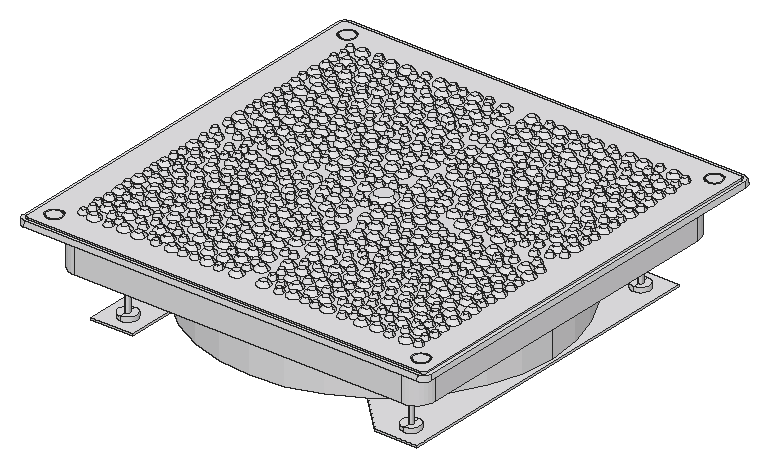
Revit family "Shower-Rainhead-KOHLER-REAL_RAIN-76728GL_1", category Plumbing Fixtures, host Face, Revit 2017 (continued)
Definition of nested family "76728GL"
  Forms (in)
    Blend 159, solid, detail levels medium+fine
      from 4.48819 to 4.64961
    Blend 160, solid, detail levels medium+fine
      base sketch origin (3.71758, -2.28847, 0) x (1, 0, 0) y (0, 1, 0)
        loop
          circle (-7.85379, 7.80181) r 0.19685
      top sketch origin (3.71758, -2.28847, 0) x (1, 0, 0) y (0, 1, 0)
        loop
          circle (-7.85379, 7.80181) r 0.11854
      from 4.48819 to 4.64961
    Blend 161, solid, detail levels medium+fine
      base sketch origin (5.07811, -1.6249, 0) x (1, 0, 0) y (0, 1, 0)
        loop
          circle (-7.85379, 7.80181) r 0.19685
      top sketch origin (5.07811, -1.6249, 0) x (1, 0, 0) y (0, 1, 0)
        loop
          circle (-7.85379, 7.80181) r 0.11854
      from 4.48819 to 4.64961
    Blend 162, solid, detail levels medium+fine
      base sketch origin (5.46194, -1.94697, 0) x (1, 0, 0) y (0, 1, 0)
        loop
          circle (-7.85379, 7.80181) r 0.19685
      top sketch origin (5.46194, -1.94697, 0) x (1, 0, 0) y (0, 1, 0)
        loop
          circle (-7.85379, 7.80181) r 0.11854
      from 4.48819 to 4.64961
    Blend 163, solid, detail levels medium+fine
      base sketch origin (6.49561, -2.20469, 0) x (1, 0, 0) y (0, 1, 0)
        loop
          circle (-7.85379, 7.80181) r 0.19685
      top sketch origin (6.49561, -2.20469, 0) x (1, 0, 0) y (0, 1, 0)
        loop
          circle (-7.85379, 7.80181) r 0.11854
      from 4.48819 to 4.64961
    Blend 164, solid, detail levels medium+fine
      base sketch origin (6.98682, -2.07307, 0) x (1, 0, 0) y (0, 1, 0)
        loop
          circle (-7.85379, 7.80181) r 0.19685
      top sketch origin (6.98682, -2.07307, 0) x (1, 0, 0) y (0, 1, 0)
        loop
          circle (-7.85379, 7.80181) r 0.11854
      from 4.48819 to 4.64961
    Blend 165, solid, detail levels medium+fine
      base sketch origin (4.64222, -1.78519, 0) x (1, 0, 0) y (0, 1, 0)
        loop
          circle (-7.85379, 7.80181) r 0.19685
      top sketch origin (4.64222, -1.78519, 0) x (1, 0, 0) y (0, 1, 0)
        loop
          circle (-7.85379, 7.80181) r 0.11854
      from 4.48819 to 4.64961
    Blend 166, solid, detail levels medium+fine
      base sketch origin (6.06948, -1.11965, 0) x (1, 0, 0) y (0, 1, 0)
        loop
          circle (-7.85379, 7.80181) r 0.19685
      top sketch origin (6.06948, -1.11965, 0) x (1, 0, 0) y (0, 1, 0)
        loop
          circle (-7.85379, 7.80181) r 0.11854
      from 4.48819 to 4.64961
    Blend 167, solid, detail levels medium+fine
      base sketch origin (5.09062, -1.01677, 0) x (1, 0, 0) y (0, 1, 0)
        loop
          circle (-7.85379, 7.80181) r 0.19685
      top sketch origin (5.09062, -1.01677, 0) x (1, 0, 0) y (0, 1, 0)
        loop
          circle (-7.85379, 7.80181) r 0.11854
      from 4.48819 to 4.64961
    Blend 168, solid, detail levels medium+fine
      base sketch origin (3.64343, -1.01677, 0) x (1, 0, 0) y (0, 1, 0)
        loop
          circle (-7.85379, 7.80181) r 0.19685
      top sketch origin (3.64343, -1.01677, 0) x (1, 0, 0) y (0, 1, 0)
        loop
          circle (-7.85379, 7.80181) r 0.11854
      from 4.48819 to 4.64961
    Blend 169, solid, detail levels medium+fine
      base sketch origin (3.18902, -1.27913, 0) x (1, 0, 0) y (0, 1, 0)
        loop
          circle (-7.85379, 7.80181) r 0.19685
      top sketch origin (3.18902, -1.27913, 0) x (1, 0, 0) y (0, 1, 0)
        loop
          circle (-7.85379, 7.80181) r 0.11854
      from 4.48819 to 4.64961
    Blend 170, solid, detail levels medium+fine
      base sketch origin (4.12496, -0.71675, 0) x (1, 0, 0) y (0, 1, 0)
        loop
          circle (-7.85379, 7.80181) r 0.19685
      top sketch origin (4.12496, -0.71675, 0) x (1, 0, 0) y (0, 1, 0)
        loop
          circle (-7.85379, 7.80181) r 0.11854
      from 4.48819 to 4.64961
    Blend 171, solid, detail levels medium+fine
      base sketch origin (7.25732, -1.04598, 0) x (1, 0, 0) y (0, 1, 0)
        loop
          circle (-7.85379, 7.80181) r 0.19685
      top sketch origin (7.25732, -1.04598, 0) x (1, 0, 0) y (0, 1, 0)
        loop
          circle (-7.85379, 7.80181) r 0.11854
      from 4.48819 to 4.64961
    Blend 172, solid, detail levels medium+fine
      base sketch origin (7.25732, -0.52471, 0) x (1, 0, 0) y (0, 1, 0)
        loop
          circle (-7.85379, 7.80181) r 0.19685
      top sketch origin (7.25732, -0.52471, 0) x (1, 0, 0) y (0, 1, 0)
        loop
          circle (-7.85379, 7.80181) r 0.11854
      from 4.48819 to 4.64961
    Blend 173, solid, detail levels medium+fine
      base sketch origin (5.26036, 0.04791, 0) x (1, 0, 0) y (0, 1, 0)
        loop
          circle (-7.85379, 7.80181) r 0.19685
      top sketch origin (5.26036, 0.04791, 0) x (1, 0, 0) y (0, 1, 0)
        loop
          circle (-7.85379, 7.80181) r 0.11854
      from 4.48819 to 4.64961
    Blend 174, solid, detail levels medium+fine
      base sketch origin (6.43984, 0.10973, 0) x (1, 0, 0) y (0, 1, 0)
        loop
          circle (-7.85379, 7.80181) r 0.19685
      top sketch origin (6.43984, 0.10973, 0) x (1, 0, 0) y (0, 1, 0)
        loop
          circle (-7.85379, 7.80181) r 0.11854
      from 4.48819 to 4.64961
    Blend 175, solid, detail levels medium+fine
      base sketch origin (6.67879, -0.30414, 0) x (1, 0, 0) y (0, 1, 0)
        loop
          circle (-7.85379, 7.80181) r 0.19685
      top sketch origin (6.67879, -0.30414, 0) x (1, 0, 0) y (0, 1, 0)
        loop
          circle (-7.85379, 7.80181) r 0.11854
      from 4.48819 to 4.64961
    Blend 176, solid, detail levels medium+fine
      base sketch origin (4.7533, 0.10513, 0) x (1, 0, 0) y (0, 1, 0)
        loop
          circle (-7.85379, 7.80181) r 0.19685
      top sketch origin (4.7533, 0.10513, 0) x (1, 0, 0) y (0, 1, 0)
        loop
          circle (-7.85379, 7.80181) r 0.11854
      from 4.48819 to 4.64961
    Blend 177, solid, detail levels medium+fine
      base sketch origin (3.48769, 0.10513, 0) x (1, 0, 0) y (0, 1, 0)
        loop
          circle (-7.85379, 7.80181) r 0.19685
      top sketch origin (3.48769, 0.10513, 0) x (1, 0, 0) y (0, 1, 0)
        loop
          circle (-7.85379, 7.80181) r 0.11854
      from 4.48819 to 4.64961
    Blend 178, solid, detail levels medium+fine
      base sketch origin (3.12201, -0.15093, 0) x (1, 0, 0) y (0, 1, 0)
        loop
          circle (-7.85379, 7.80181) r 0.19685
      top sketch origin (3.12201, -0.15093, 0) x (1, 0, 0) y (0, 1, 0)
        loop
          circle (-7.85379, 7.80181) r 0.11854
      from 4.48819 to 4.64961
    Blend 179, solid, detail levels medium+fine
      base sketch origin (1.39035, -0.04876, 0) x (1, 0, 0) y (0, 1, 0)
        loop
          circle (-7.30834, 7.84791) r 0.29156
      top sketch origin (1.39035, -0.04876, 0) x (1, 0, 0) y (0, 1, 0)
        loop
          circle (-7.30834, 7.84791) r 0.15606
      from 4.48819 to 4.65
    Blend 180, solid, detail levels medium+fine
      base sketch origin (2.52047, -5.48086, 0) x (1, 0, 0) y (0, 1, 0)
        loop
          circle (-7.30834, 7.84791) r 0.29156
      top sketch origin (2.52047, -5.48086, 0) x (1, 0, 0) y (0, 1, 0)
        loop
          circle (-7.30834, 7.84791) r 0.15606
      from 4.48819 to 4.65
    Blend 181, solid, detail levels medium+fine
      base sketch origin (2.53284, -5.24171, 0) x (1, 0, 0) y (0, 1, 0)
        loop
          circle (-7.85379, 7.80181) r 0.19685
      top sketch origin (2.53284, -5.24171, 0) x (1, 0, 0) y (0, 1, 0)
        loop
          circle (-7.85379, 7.80181) r 0.11854
      from 4.48819 to 4.64961
    Blend 182, solid, detail levels medium+fine
      base sketch origin (5.62798, -5.13362, 0) x (1, 0, 0) y (0, 1, 0)
        loop
          circle (-7.85379, 7.80181) r 0.19685
      top sketch origin (5.62798, -5.13362, 0) x (1, 0, 0) y (0, 1, 0)
        loop
          circle (-7.85379, 7.80181) r 0.11854
      from 4.48819 to 4.64961
    Blend 183, solid, detail levels medium+fine
      base sketch origin (5.22972, -5.78888, 0) x (1, 0, 0) y (0, 1, 0)
        loop
          circle (-7.30834, 7.84791) r 0.29156
      top sketch origin (5.22972, -5.78888, 0) x (1, 0, 0) y (0, 1, 0)
        loop
          circle (-7.30834, 7.84791) r 0.15606
      from 4.48819 to 4.65
    Blend 184, solid, detail levels medium+fine
      base sketch origin (5.71711, -5.30149, 0) x (1, 0, 0) y (0, 1, 0)
        loop
          circle (-7.30834, 7.84791) r 0.29156
      top sketch origin (5.71711, -5.30149, 0) x (1, 0, 0) y (0, 1, 0)
        loop
          circle (-7.30834, 7.84791) r 0.15606
      from 4.48819 to 4.65
    Blend 185, solid, detail levels medium+fine
      base sketch origin (6.28821, -5.03518, 0) x (1, 0, 0) y (0, 1, 0)
        loop
          circle (-7.30834, 7.84791) r 0.29156
      top sketch origin (6.28821, -5.03518, 0) x (1, 0, 0) y (0, 1, 0)
        loop
          circle (-7.30834, 7.84791) r 0.15606
      from 4.48819 to 4.65
    Blend 186, solid, detail levels medium+fine
      base sketch origin (4.5606, -6.6462, 0) x (1, 0, 0) y (0, 1, 0)
        loop
          circle (-7.30834, 7.84791) r 0.29156
      top sketch origin (4.5606, -6.6462, 0) x (1, 0, 0) y (0, 1, 0)
        loop
          circle (-7.30834, 7.84791) r 0.15606
      from 4.48819 to 4.65
    Blend 187, solid, detail levels medium+fine
      base sketch origin (7.17175, -4.88496, 0) x (1, 0, 0) y (0, 1, 0)
        loop
          circle (-7.30834, 7.84791) r 0.29156
      top sketch origin (7.17175, -4.88496, 0) x (1, 0, 0) y (0, 1, 0)
        loop
          circle (-7.30834, 7.84791) r 0.15606
      from 4.48819 to 4.65
    Blend 188, solid, detail levels medium+fine
      base sketch origin (7.17175, -5.58604, 0) x (1, 0, 0) y (0, 1, 0)
        loop
          circle (-7.30834, 7.84791) r 0.29156
      top sketch origin (7.17175, -5.58604, 0) x (1, 0, 0) y (0, 1, 0)
        loop
          circle (-7.30834, 7.84791) r 0.15606
      from 4.48819 to 4.65
    Blend 189, solid, detail levels medium+fine
      base sketch origin (6.15635, -5.93567, 0) x (1, 0, 0) y (0, 1, 0)
        loop
          circle (-7.30834, 7.84791) r 0.29156
      top sketch origin (6.15635, -5.93567, 0) x (1, 0, 0) y (0, 1, 0)
        loop
          circle (-7.30834, 7.84791) r 0.15606
      from 4.48819 to 4.65
    Blend 190, solid, detail levels medium+fine
      base sketch origin (5.32118, -6.77084, 0) x (1, 0, 0) y (0, 1, 0)
        loop
          circle (-7.30834, 7.84791) r 0.29156
      top sketch origin (5.32118, -6.77084, 0) x (1, 0, 0) y (0, 1, 0)
        loop
          circle (-7.30834, 7.84791) r 0.15606
      from 4.48819 to 4.65
    Blend 191, solid, detail levels medium+fine
      base sketch origin (6.00255, -6.58826, 0) x (1, 0, 0) y (0, 1, 0)
        loop
          circle (-7.30834, 7.84791) r 0.29156
      top sketch origin (6.00255, -6.58826, 0) x (1, 0, 0) y (0, 1, 0)
        loop
          circle (-7.30834, 7.84791) r 0.15606
      from 4.48819 to 4.65
    Blend 192, solid, detail levels medium+fine
      base sketch origin (6.81064, -6.12171, 0) x (1, 0, 0) y (0, 1, 0)
        loop
          circle (-7.30834, 7.84791) r 0.29156
      top sketch origin (6.81064, -6.12171, 0) x (1, 0, 0) y (0, 1, 0)
        loop
          circle (-7.30834, 7.84791) r 0.15606
      from 4.48819 to 4.65
    Blend 193, solid, detail levels medium+fine
      base sketch origin (6.6578, -6.69214, 0) x (1, 0, 0) y (0, 1, 0)
        loop
          circle (-7.30834, 7.84791) r 0.29156
      top sketch origin (6.6578, -6.69214, 0) x (1, 0, 0) y (0, 1, 0)
        loop
          circle (-7.30834, 7.84791) r 0.15606
      from 4.48819 to 4.65
    Blend 194, solid, detail levels medium+fine
      base sketch origin (5.16069, -7.32763, 0) x (1, 0, 0) y (0, 1, 0)
        loop
          circle (-7.30834, 7.84791) r 0.29156
      top sketch origin (5.16069, -7.32763, 0) x (1, 0, 0) y (0, 1, 0)
        loop
          circle (-7.30834, 7.84791) r 0.15606
      from 4.48819 to 4.65
    Blend 195, solid, detail levels medium+fine
      base sketch origin (4.48435, -7.28033, 0) x (1, 0, 0) y (0, 1, 0)
        loop
          circle (-7.30834, 7.84791) r 0.29156
      top sketch origin (4.48435, -7.28033, 0) x (1, 0, 0) y (0, 1, 0)
        loop
          circle (-7.30834, 7.84791) r 0.15606
      from 4.48819 to 4.65
    Blend 196, solid, detail levels medium+fine
      base sketch origin (5.60731, -7.84791, 0) x (1, 0, 0) y (0, 1, 0)
        loop
          circle (-7.30834, 7.84791) r 0.29156
      top sketch origin (5.60731, -7.84791, 0) x (1, 0, 0) y (0, 1, 0)
        loop
          circle (-7.30834, 7.84791) r 0.15606
      from 4.48819 to 4.65
    Blend 197, solid, detail levels medium+fine
      base sketch origin (6.33185, -7.73316, 0) x (1, 0, 0) y (0, 1, 0)
        loop
          circle (-7.30834, 7.84791) r 0.29156
      top sketch origin (6.33185, -7.73316, 0) x (1, 0, 0) y (0, 1, 0)
        loop
          circle (-7.30834, 7.84791) r 0.15606
      from 4.48819 to 4.65
    Blend 198, solid, detail levels medium+fine
      base sketch origin (1.17297, -7.07796, 0) x (1, 0, 0) y (0, 1, 0)
        loop
          circle (-7.85379, 7.80181) r 0.19685
      top sketch origin (1.17297, -7.07796, 0) x (1, 0, 0) y (0, 1, 0)
        loop
          circle (-7.85379, 7.80181) r 0.11854
      from 4.48819 to 4.64961
    Blend 199, solid, detail levels medium+fine
      base sketch origin (0.91298, -7.69184, 0) x (1, 0, 0) y (0, 1, 0)
        loop
          circle (-7.85379, 7.80181) r 0.19685
      top sketch origin (0.91298, -7.69184, 0) x (1, 0, 0) y (0, 1, 0)
        loop
          circle (-7.85379, 7.80181) r 0.11854
      from 4.48819 to 4.64961
    Blend 200, solid, detail levels medium+fine
      base sketch origin (7.65763, -2.25778, 0) x (1, 0, 0) y (0, 1, 0)
        loop
          circle (-7.85379, 7.80181) r 0.19685
      top sketch origin (7.65763, -2.25778, 0) x (1, 0, 0) y (0, 1, 0)
        loop
          circle (-7.85379, 7.80181) r 0.11854
      from 4.48819 to 4.64961
    Blend 201, solid, detail levels medium+fine
      base sketch origin (0, 0, 0) x (-1, 0, 0) y (0, -1, 0)
        loop
          circle (-7.30834, -7.84791) r 0.29156
      top sketch origin (0, 0, 0) x (-1, 0, 0) y (0, -1, 0)
        loop
          circle (-7.30834, -7.84791) r 0.15606
      from 4.48819 to 4.65
    Blend 202, solid, detail levels medium+fine
      base sketch origin (-2.0876, 0, 0) x (-1, 0, 0) y (0, -1, 0)
        loop
          circle (-7.30834, -7.84791) r 0.29156
      top sketch origin (-2.0876, 0, 0) x (-1, 0, 0) y (0, -1, 0)
        loop
          circle (-7.30834, -7.84791) r 0.15606
      from 4.48819 to 4.65
    Blend 203, solid, detail levels medium+fine
      base sketch origin (-3.6624, 0, 0) x (-1, 0, 0) y (0, -1, 0)
        loop
          circle (-7.30834, -7.84791) r 0.29156
      top sketch origin (-3.6624, 0, 0) x (-1, 0, 0) y (0, -1, 0)
        loop
          circle (-7.30834, -7.84791) r 0.15606
      from 4.48819 to 4.65
    Blend 204, solid, detail levels medium+fine
      base sketch origin (-5.30487, -0.02461, 0) x (-1, 0, 0) y (0, -1, 0)
        loop
          circle (-7.30834, -7.84791) r 0.29156
      top sketch origin (-5.30487, -0.02461, 0) x (-1, 0, 0) y (0, -1, 0)
        loop
          circle (-7.30834, -7.84791) r 0.15606
      from 4.48819 to 4.65
    Blend 205, solid, detail levels medium+fine
      base sketch origin (-6.68282, 0, 0) x (-1, 0, 0) y (0, -1, 0)
        loop
          circle (-7.30834, -7.84791) r 0.29156
      top sketch origin (-6.68282, 0, 0) x (-1, 0, 0) y (0, -1, 0)
        loop
          circle (-7.30834, -7.84791) r 0.15606
      from 4.48819 to 4.65
    Blend 206, solid, detail levels medium+fine
      base sketch origin (0.0289, -0.83652, 0) x (-1, 0, 0) y (0, -1, 0)
        loop
          circle (-7.30834, -7.84791) r 0.29156
      top sketch origin (0.0289, -0.83652, 0) x (-1, 0, 0) y (0, -1, 0)
        loop
          circle (-7.30834, -7.84791) r 0.15606
      from 4.48819 to 4.65
    Blend 207, solid, detail levels medium+fine
      base sketch origin (-0.9243, -0.90317, 0) x (-1, 0, 0) y (0, -1, 0)
        loop
          circle (-7.30834, -7.84791) r 0.29156
      top sketch origin (-0.9243, -0.90317, 0) x (-1, 0, 0) y (0, -1, 0)
        loop
          circle (-7.30834, -7.84791) r 0.15606
      from 4.48819 to 4.65
    Blend 208, solid, detail levels medium+fine
      base sketch origin (-2.48199, -0.76689, 0) x (-1, 0, 0) y (0, -1, 0)
        loop
          circle (-7.30834, -7.84791) r 0.29156
      top sketch origin (-2.48199, -0.76689, 0) x (-1, 0, 0) y (0, -1, 0)
        loop
          circle (-7.30834, -7.84791) r 0.15606
      from 4.48819 to 4.65
    Blend 209, solid, detail levels medium+fine
      base sketch origin (-3.09051, -0.45684, 0) x (-1, 0, 0) y (0, -1, 0)
        loop
          circle (-7.30834, -7.84791) r 0.29156
      top sketch origin (-3.09051, -0.45684, 0) x (-1, 0, 0) y (0, -1, 0)
        loop
          circle (-7.30834, -7.84791) r 0.15606
      from 4.48819 to 4.65
    Blend 210, solid, detail levels medium+fine
      base sketch origin (-4.16835, -0.50258, 0) x (-1, 0, 0) y (0, -1, 0)
        loop
          circle (-7.30834, -7.84791) r 0.29156
      top sketch origin (-4.16835, -0.50258, 0) x (-1, 0, 0) y (0, -1, 0)
        loop
          circle (-7.30834, -7.84791) r 0.15606
      from 4.48819 to 4.65
    Blend 211, solid, detail levels medium+fine
      base sketch origin (-4.89122, -0.60418, 0) x (-1, 0, 0) y (0, -1, 0)
        loop
          circle (-7.30834, -7.84791) r 0.29156
      top sketch origin (-4.89122, -0.60418, 0) x (-1, 0, 0) y (0, -1, 0)
        loop
          circle (-7.30834, -7.84791) r 0.15606
      from 4.48819 to 4.65
    Blend 212, solid, detail levels medium+fine
      base sketch origin (-5.61857, -0.59148, 0) x (-1, 0, 0) y (0, -1, 0)
        loop
          circle (-7.30834, -7.84791) r 0.29156
      top sketch origin (-5.61857, -0.59148, 0) x (-1, 0, 0) y (0, -1, 0)
        loop
          circle (-7.30834, -7.84791) r 0.15606
      from 4.48819 to 4.65
    Blend 213, solid, detail levels medium+fine
      base sketch origin (-6.14053, -0.9848, 0) x (-1, 0, 0) y (0, -1, 0)
        loop
          circle (-7.30834, -7.84791) r 0.29156
      top sketch origin (-6.14053, -0.9848, 0) x (-1, 0, 0) y (0, -1, 0)
        loop
          circle (-7.30834, -7.84791) r 0.15606
      from 4.48819 to 4.65
    Blend 214, solid, detail levels medium+fine
      base sketch origin (-6.85018, -1.66347, 0) x (-1, 0, 0) y (0, -1, 0)
        loop
          circle (-7.30834, -7.84791) r 0.29156
      top sketch origin (-6.85018, -1.66347, 0) x (-1, 0, 0) y (0, -1, 0)
        loop
          circle (-7.30834, -7.84791) r 0.15606
      from 4.48819 to 4.65
    Blend 215, solid, detail levels medium+fine
      base sketch origin (-6.157, -1.60283, 0) x (-1, 0, 0) y (0, -1, 0)
        loop
          circle (-7.30834, -7.84791) r 0.29156
      top sketch origin (-6.157, -1.60283, 0) x (-1, 0, 0) y (0, -1, 0)
        loop
          circle (-7.30834, -7.84791) r 0.15606
      from 4.48819 to 4.65
    Blend 216, solid, detail levels medium+fine
      base sketch origin (-5.55442, -1.83414, 0) x (-1, 0, 0) y (0, -1, 0)
        loop
          circle (-7.30834, -7.84791) r 0.29156
      top sketch origin (-5.55442, -1.83414, 0) x (-1, 0, 0) y (0, -1, 0)
        loop
          circle (-7.30834, -7.84791) r 0.15606
      from 4.48819 to 4.65
    Blend 217, solid, detail levels medium+fine
      base sketch origin (-5.00582, -1.40553, 0) x (-1, 0, 0) y (0, -1, 0)
        loop
          circle (-7.30834, -7.84791) r 0.29156
      top sketch origin (-5.00582, -1.40553, 0) x (-1, 0, 0) y (0, -1, 0)
        loop
          circle (-7.30834, -7.84791) r 0.15606
      from 4.48819 to 4.65
    Blend 218, solid, detail levels medium+fine
      base sketch origin (-4.00507, -1.211, 0) x (-1, 0, 0) y (0, -1, 0)
        loop
          circle (-7.30834, -7.84791) r 0.29156
      top sketch origin (-4.00507, -1.211, 0) x (-1, 0, 0) y (0, -1, 0)
        loop
          circle (-7.30834, -7.84791) r 0.15606
      from 4.48819 to 4.65
    Blend 219, solid, detail levels medium+fine
      base sketch origin (-3.45712, -1.6091, 0) x (-1, 0, 0) y (0, -1, 0)
        loop
          circle (-7.30834, -7.84791) r 0.29156
      top sketch origin (-3.45712, -1.6091, 0) x (-1, 0, 0) y (0, -1, 0)
        loop
          circle (-7.30834, -7.84791) r 0.15606
      from 4.48819 to 4.65
    Blend 220, solid, detail levels medium+fine
      base sketch origin (-2.30183, -1.85467, 0) x (-1, 0, 0) y (0, -1, 0)
        loop
          circle (-7.30834, -7.84791) r 0.29156
      top sketch origin (-2.30183, -1.85467, 0) x (-1, 0, 0) y (0, -1, 0)
        loop
          circle (-7.30834, -7.84791) r 0.15606
      from 4.48819 to 4.65
    Blend 221, solid, detail levels medium+fine
      base sketch origin (-1.18508, -1.47014, 0) x (-1, 0, 0) y (0, -1, 0)
        loop
          circle (-7.30834, -7.84791) r 0.29156
      top sketch origin (-1.18508, -1.47014, 0) x (-1, 0, 0) y (0, -1, 0)
        loop
          circle (-7.30834, -7.84791) r 0.15606
      from 4.48819 to 4.65
    Blend 222, solid, detail levels medium+fine
      base sketch origin (-1.03024, -2.19859, 0) x (-1, 0, 0) y (0, -1, 0)
        loop
          circle (-7.30834, -7.84791) r 0.29156
      top sketch origin (-1.03024, -2.19859, 0) x (-1, 0, 0) y (0, -1, 0)
        loop
          circle (-7.30834, -7.84791) r 0.15606
      from 4.48819 to 4.65
    Blend 223, solid, detail levels medium+fine
      base sketch origin (0.0373, -2.58312, 0) x (-1, 0, 0) y (0, -1, 0)
        loop
          circle (-7.30834, -7.84791) r 0.29156
      top sketch origin (0.0373, -2.58312, 0) x (-1, 0, 0) y (0, -1, 0)
        loop
          circle (-7.30834, -7.84791) r 0.15606
      from 4.48819 to 4.65
    Blend 224, solid, detail levels medium+fine
      base sketch origin (0.5041, -2.14094, 0) x (-1, 0, 0) y (0, -1, 0)
        loop
          circle (-7.30834, -7.84791) r 0.29156
      top sketch origin (0.5041, -2.14094, 0) x (-1, 0, 0) y (0, -1, 0)
        loop
          circle (-7.30834, -7.84791) r 0.15606
      from 4.48819 to 4.65
    Blend 225, solid, detail levels medium+fine
      base sketch origin (-0.55747, -1.64778, 0) x (-1, 0, 0) y (0, -1, 0)
        loop
          circle (-7.30834, -7.84791) r 0.29156
      top sketch origin (-0.55747, -1.64778, 0) x (-1, 0, 0) y (0, -1, 0)
        loop
          circle (-7.30834, -7.84791) r 0.15606
      from 4.48819 to 4.65
    Blend 226, solid, detail levels medium+fine
      base sketch origin (0.48833, -1.51937, 0) x (-1, 0, 0) y (0, -1, 0)
        loop
          circle (-7.30834, -7.84791) r 0.23622
      top sketch origin (0.48833, -1.51937, 0) x (-1, 0, 0) y (0, -1, 0)
        loop
          circle (-7.30834, -7.84791) r 0.11811
      from 4.48819 to 4.65
    Blend 227, solid, detail levels medium+fine
      base sketch origin (0.51294, -3.26642, 0) x (-1, 0, 0) y (0, -1, 0)
        loop
          circle (-7.30834, -7.84791) r 0.29156
      top sketch origin (0.51294, -3.26642, 0) x (-1, 0, 0) y (0, -1, 0)
        loop
          circle (-7.30834, -7.84791) r 0.15606
      from 4.48819 to 4.65
    Blend 228, solid, detail levels medium+fine
      base sketch origin (-0.38399, -3.04893, 0) x (-1, 0, 0) y (0, -1, 0)
        loop
          circle (-7.30834, -7.84791) r 0.29156
      top sketch origin (-0.38399, -3.04893, 0) x (-1, 0, 0) y (0, -1, 0)
        loop
          circle (-7.30834, -7.84791) r 0.15606
      from 4.48819 to 4.65
    Blend 229, solid, detail levels medium+fine
      base sketch origin (-0.015, -3.60051, 0) x (-1, 0, 0) y (0, -1, 0)
        loop
          circle (-7.30834, -7.84791) r 0.29156
      top sketch origin (-0.015, -3.60051, 0) x (-1, 0, 0) y (0, -1, 0)
        loop
          circle (-7.30834, -7.84791) r 0.15606
      from 4.48819 to 4.65
    Blend 230, solid, detail levels medium+fine
      base sketch origin (-1.03016, -2.98184, 0) x (-1, 0, 0) y (0, -1, 0)
        loop
          circle (-7.30834, -7.84791) r 0.29156
      top sketch origin (-1.03016, -2.98184, 0) x (-1, 0, 0) y (0, -1, 0)
        loop
          circle (-7.30834, -7.84791) r 0.15606
      from 4.48819 to 4.65
    Blend 231, solid, detail levels medium+fine
      base sketch origin (-1.12122, -3.6132, 0) x (-1, 0, 0) y (0, -1, 0)
        loop
          circle (-7.30834, -7.84791) r 0.29156
      top sketch origin (-1.12122, -3.6132, 0) x (-1, 0, 0) y (0, -1, 0)
        loop
          circle (-7.30834, -7.84791) r 0.15606
      from 4.48819 to 4.65
    Blend 232, solid, detail levels medium+fine
      base sketch origin (-2.28909, -3.01814, 0) x (-1, 0, 0) y (0, -1, 0)
        loop
          circle (-7.30834, -7.84791) r 0.29156
      top sketch origin (-2.28909, -3.01814, 0) x (-1, 0, 0) y (0, -1, 0)
        loop
          circle (-7.30834, -7.84791) r 0.15606
      from 4.48819 to 4.65
    Blend 233, solid, detail levels medium+fine
      base sketch origin (-1.68078, -4.04284, 0) x (-1, 0, 0) y (0, -1, 0)
        loop
          circle (-7.30834, -7.84791) r 0.29156
      top sketch origin (-1.68078, -4.04284, 0) x (-1, 0, 0) y (0, -1, 0)
        loop
          circle (-7.30834, -7.84791) r 0.15606
      from 4.48819 to 4.65
    Blend 234, solid, detail levels medium+fine
      base sketch origin (-2.96463, -2.95326, 0) x (-1, 0, 0) y (0, -1, 0)
        loop
          circle (-7.30834, -7.84791) r 0.29156
      top sketch origin (-2.96463, -2.95326, 0) x (-1, 0, 0) y (0, -1, 0)
        loop
          circle (-7.30834, -7.84791) r 0.15606
      from 4.48819 to 4.65
    Blend 235, solid, detail levels medium+fine
      base sketch origin (-2.84468, -3.93018, 0) x (-1, 0, 0) y (0, -1, 0)
        loop
          circle (-7.30834, -7.84791) r 0.29156
      top sketch origin (-2.84468, -3.93018, 0) x (-1, 0, 0) y (0, -1, 0)
        loop
          circle (-7.30834, -7.84791) r 0.15606
      from 4.48819 to 4.65
    Blend 236, solid, detail levels medium+fine
      base sketch origin (-4.4836, -2.40185, 0) x (-1, 0, 0) y (0, -1, 0)
        loop
          circle (-7.30834, -7.84791) r 0.29156
      top sketch origin (-4.4836, -2.40185, 0) x (-1, 0, 0) y (0, -1, 0)
        loop
          circle (-7.30834, -7.84791) r 0.15606
      from 4.48819 to 4.65
    Blend 237, solid, detail levels medium+fine
      base sketch origin (-3.79212, -2.30467, 0) x (-1, 0, 0) y (0, -1, 0)
        loop
          circle (-7.30834, -7.84791) r 0.29156
      top sketch origin (-3.79212, -2.30467, 0) x (-1, 0, 0) y (0, -1, 0)
        loop
          circle (-7.30834, -7.84791) r 0.15606
      from 4.48819 to 4.65
    Blend 238, solid, detail levels medium+fine
      base sketch origin (-1.96709, -2.46434, 0) x (-1, 0, 0) y (0, -1, 0)
        loop
          circle (-7.30834, -7.84791) r 0.29156
      top sketch origin (-1.96709, -2.46434, 0) x (-1, 0, 0) y (0, -1, 0)
        loop
          circle (-7.30834, -7.84791) r 0.15606
      from 4.48819 to 4.65
    Blend 239, solid, detail levels medium+fine
      base sketch origin (-4.20639, -2.98132, 0) x (-1, 0, 0) y (0, -1, 0)
        loop
          circle (-7.30834, -7.84791) r 0.29156
      top sketch origin (-4.20639, -2.98132, 0) x (-1, 0, 0) y (0, -1, 0)
        loop
          circle (-7.30834, -7.84791) r 0.15606
      from 4.48819 to 4.65
    Blend 240, solid, detail levels medium+fine
      base sketch origin (-3.98458, -3.87093, 0) x (-1, 0, 0) y (0, -1, 0)
        loop
          circle (-7.30834, -7.84791) r 0.29156
      top sketch origin (-3.98458, -3.87093, 0) x (-1, 0, 0) y (0, -1, 0)
        loop
          circle (-7.30834, -7.84791) r 0.15606
      from 4.48819 to 4.65
    Blend 241, solid, detail levels medium+fine
      base sketch origin (-5.24621, -2.46976, 0) x (-1, 0, 0) y (0, -1, 0)
        loop
          circle (-7.30834, -7.84791) r 0.29156
      top sketch origin (-5.24621, -2.46976, 0) x (-1, 0, 0) y (0, -1, 0)
        loop
          circle (-7.30834, -7.84791) r 0.15606
      from 4.48819 to 4.65
    Blend 242, solid, detail levels medium+fine
      base sketch origin (-5.24621, -3.15169, 0) x (-1, 0, 0) y (0, -1, 0)
        loop
          circle (-7.30834, -7.84791) r 0.29156
      top sketch origin (-5.24621, -3.15169, 0) x (-1, 0, 0) y (0, -1, 0)
        loop
          circle (-7.30834, -7.84791) r 0.15606
      from 4.48819 to 4.65
    Blend 243, solid, detail levels medium+fine
      base sketch origin (-5.86408, -2.80919, 0) x (-1, 0, 0) y (0, -1, 0)
        loop
          circle (-7.30834, -7.84791) r 0.29156
      top sketch origin (-5.86408, -2.80919, 0) x (-1, 0, 0) y (0, -1, 0)
        loop
          circle (-7.30834, -7.84791) r 0.15606
      from 4.48819 to 4.65
    Blend 244, solid, detail levels medium+fine
      base sketch origin (-6.1771, -3.39791, 0) x (-1, 0, 0) y (0, -1, 0)
        loop
          circle (-7.30834, -7.84791) r 0.29156
      top sketch origin (-6.1771, -3.39791, 0) x (-1, 0, 0) y (0, -1, 0)
        loop
          circle (-7.30834, -7.84791) r 0.15606
      from 4.48819 to 4.65
    Blend 245, solid, detail levels medium+fine
      base sketch origin (-6.48588, -2.70438, 0) x (-1, 0, 0) y (0, -1, 0)
        loop
          circle (-7.30834, -7.84791) r 0.29156
      top sketch origin (-6.48588, -2.70438, 0) x (-1, 0, 0) y (0, -1, 0)
        loop
          circle (-7.30834, -7.84791) r 0.15606
      from 4.48819 to 4.65
    Blend 246, solid, detail levels medium+fine
      base sketch origin (-6.92778, -3.19517, 0) x (-1, 0, 0) y (0, -1, 0)
        loop
          circle (-7.30834, -7.84791) r 0.29156
      top sketch origin (-6.92778, -3.19517, 0) x (-1, 0, 0) y (0, -1, 0)
        loop
          circle (-7.30834, -7.84791) r 0.15606
      from 4.48819 to 4.65
    Blend 247, solid, detail levels medium+fine
      base sketch origin (-7.03734, -4.23753, 0) x (-1, 0, 0) y (0, -1, 0)
        loop
          circle (-7.30834, -7.84791) r 0.29156
      top sketch origin (-7.03734, -4.23753, 0) x (-1, 0, 0) y (0, -1, 0)
        loop
          circle (-7.30834, -7.84791) r 0.15606
      from 4.48819 to 4.65
    Blend 248, solid, detail levels medium+fine
      base sketch origin (-5.91512, -4.17871, 0) x (-1, 0, 0) y (0, -1, 0)
        loop
          circle (-7.30834, -7.84791) r 0.29156
      top sketch origin (-5.91512, -4.17871, 0) x (-1, 0, 0) y (0, -1, 0)
        loop
          circle (-7.30834, -7.84791) r 0.15606
      from 4.48819 to 4.65
    Blend 249, solid, detail levels medium+fine
      base sketch origin (-5.24018, -4.58426, 0) x (-1, 0, 0) y (0, -1, 0)
        loop
          circle (-7.30834, -7.84791) r 0.29156
      top sketch origin (-5.24018, -4.58426, 0) x (-1, 0, 0) y (0, -1, 0)
        loop
          circle (-7.30834, -7.84791) r 0.15606
      from 4.48819 to 4.65
    Blend 250, solid, detail levels medium+fine
      base sketch origin (-4.12564, -4.58426, 0) x (-1, 0, 0) y (0, -1, 0)
        loop
          circle (-7.30834, -7.84791) r 0.29156
      top sketch origin (-4.12564, -4.58426, 0) x (-1, 0, 0) y (0, -1, 0)
        loop
          circle (-7.30834, -7.84791) r 0.15606
      from 4.48819 to 4.65
    Blend 251, solid, detail levels medium+fine
      base sketch origin (-4.53288, -5.08716, 0) x (-1, 0, 0) y (0, -1, 0)
        loop
          circle (-7.30834, -7.84791) r 0.29156
      top sketch origin (-4.53288, -5.08716, 0) x (-1, 0, 0) y (0, -1, 0)
        loop
          circle (-7.30834, -7.84791) r 0.15606
      from 4.48819 to 4.65
    Blend 252, solid, detail levels medium+fine
      base sketch origin (-3.15493, -5.08716, 0) x (-1, 0, 0) y (0, -1, 0)
        loop
          circle (-7.30834, -7.84791) r 0.29156
      top sketch origin (-3.15493, -5.08716, 0) x (-1, 0, 0) y (0, -1, 0)
        loop
          circle (-7.30834, -7.84791) r 0.15606
      from 4.48819 to 4.65
    Blend 253, solid, detail levels medium+fine
      base sketch origin (-3.63117, -5.75677, 0) x (-1, 0, 0) y (0, -1, 0)
        loop
          circle (-7.30834, -7.84791) r 0.29156
      top sketch origin (-3.63117, -5.75677, 0) x (-1, 0, 0) y (0, -1, 0)
        loop
          circle (-7.30834, -7.84791) r 0.15606
      from 4.48819 to 4.65
    Blend 254, solid, detail levels medium+fine
      base sketch origin (-4.28847, -6.07665, 0) x (-1, 0, 0) y (0, -1, 0)
        loop
          circle (-7.30834, -7.84791) r 0.29156
      top sketch origin (-4.28847, -6.07665, 0) x (-1, 0, 0) y (0, -1, 0)
        loop
          circle (-7.30834, -7.84791) r 0.15606
      from 4.48819 to 4.65
    Blend 255, solid, detail levels medium+fine
      base sketch origin (-3.83609, -6.50546, 0) x (-1, 0, 0) y (0, -1, 0)
        loop
          circle (-7.30834, -7.84791) r 0.29156
      top sketch origin (-3.83609, -6.50546, 0) x (-1, 0, 0) y (0, -1, 0)
        loop
          circle (-7.30834, -7.84791) r 0.15606
      from 4.48819 to 4.65
    Blend 256, solid, detail levels medium+fine
      base sketch origin (-2.78809, -6.07292, 0) x (-1, 0, 0) y (0, -1, 0)
        loop
          circle (-7.30834, -7.84791) r 0.29156
      top sketch origin (-2.78809, -6.07292, 0) x (-1, 0, 0) y (0, -1, 0)
        loop
          circle (-7.30834, -7.84791) r 0.15606
      from 4.48819 to 4.65
    Blend 257, solid, detail levels medium+fine
      base sketch origin (-2.85791, -6.72494, 0) x (-1, 0, 0) y (0, -1, 0)
        loop
          circle (-7.30834, -7.84791) r 0.29156
      top sketch origin (-2.85791, -6.72494, 0) x (-1, 0, 0) y (0, -1, 0)
        loop
          circle (-7.30834, -7.84791) r 0.15606
      from 4.48819 to 4.65
    Blend 258, solid, detail levels medium+fine
      base sketch origin (-3.12722, -7.46485, 0) x (-1, 0, 0) y (0, -1, 0)
        loop
          circle (-7.30834, -7.84791) r 0.29156
      top sketch origin (-3.12722, -7.46485, 0) x (-1, 0, 0) y (0, -1, 0)
        loop
          circle (-7.30834, -7.84791) r 0.15606
      from 4.48819 to 4.65
    Blend 259, solid, detail levels medium+fine
      base sketch origin (-2.24064, -6.93948, 0) x (-1, 0, 0) y (0, -1, 0)
        loop
          circle (-7.30834, -7.84791) r 0.29156
      top sketch origin (-2.24064, -6.93948, 0) x (-1, 0, 0) y (0, -1, 0)
        loop
          circle (-7.30834, -7.84791) r 0.15606
      from 4.48819 to 4.65
    Blend 260, solid, detail levels medium+fine
      base sketch origin (-1.65786, -7.19469, 0) x (-1, 0, 0) y (0, -1, 0)
        loop
          circle (-7.30834, -7.84791) r 0.29156
      top sketch origin (-1.65786, -7.19469, 0) x (-1, 0, 0) y (0, -1, 0)
        loop
          circle (-7.30834, -7.84791) r 0.15606
      from 4.48819 to 4.65
    Blend 261, solid, detail levels medium+fine
      base sketch origin (-1.40876, -6.326, 0) x (-1, 0, 0) y (0, -1, 0)
        loop
          circle (-7.30834, -7.84791) r 0.29156
      top sketch origin (-1.40876, -6.326, 0) x (-1, 0, 0) y (0, -1, 0)
        loop
          circle (-7.30834, -7.84791) r 0.15606
      from 4.48819 to 4.65
    Blend 262, solid, detail levels medium+fine
      base sketch origin (-1.70755, -5.76617, 0) x (-1, 0, 0) y (0, -1, 0)
        loop
          circle (-7.30834, -7.84791) r 0.29156
      top sketch origin (-1.70755, -5.76617, 0) x (-1, 0, 0) y (0, -1, 0)
        loop
          circle (-7.30834, -7.84791) r 0.15606
      from 4.48819 to 4.65
    Blend 263, solid, detail levels medium+fine
      base sketch origin (-1.04625, -5.54143, 0) x (-1, 0, 0) y (0, -1, 0)
        loop
          circle (-7.30834, -7.84791) r 0.29156
      top sketch origin (-1.04625, -5.54143, 0) x (-1, 0, 0) y (0, -1, 0)
        loop
          circle (-7.30834, -7.84791) r 0.15606
      from 4.48819 to 4.65
    Blend 264, solid, detail levels medium+fine
      base sketch origin (-0.21678, -5.66742, 0) x (-1, 0, 0) y (0, -1, 0)
        loop
          circle (-7.30834, -7.84791) r 0.29156
      top sketch origin (-0.21678, -5.66742, 0) x (-1, 0, 0) y (0, -1, 0)
        loop
          circle (-7.30834, -7.84791) r 0.15606
      from 4.48819 to 4.65
    Blend 265, solid, detail levels medium+fine
      base sketch origin (-0.36352, -6.36008, 0) x (-1, 0, 0) y (0, -1, 0)
        loop
          circle (-7.30834, -7.84791) r 0.29156
      top sketch origin (-0.36352, -6.36008, 0) x (-1, 0, 0) y (0, -1, 0)
        loop
          circle (-7.30834, -7.84791) r 0.15606
      from 4.48819 to 4.65
    Blend 266, solid, detail levels medium+fine
      base sketch origin (0.0589, -6.92823, 0) x (-1, 0, 0) y (0, -1, 0)
        loop
          circle (-7.30834, -7.84791) r 0.29156
      top sketch origin (0.0589, -6.92823, 0) x (-1, 0, 0) y (0, -1, 0)
        loop
          circle (-7.30834, -7.84791) r 0.15606
      from 4.48819 to 4.65
    Blend 267, solid, detail levels medium+fine
      base sketch origin (0.5348, -6.49972, 0) x (-1, 0, 0) y (0, -1, 0)
        loop
          circle (-7.30834, -7.84791) r 0.29156
      top sketch origin (0.5348, -6.49972, 0) x (-1, 0, 0) y (0, -1, 0)
        loop
          circle (-7.30834, -7.84791) r 0.15606
      from 4.48819 to 4.65
    Blend 268, solid, detail levels medium+fine
      base sketch origin (-0.94197, -4.91608, 0) x (-1, 0, 0) y (0, -1, 0)
        loop
          circle (-7.30834, -7.84791) r 0.29156
      top sketch origin (-0.94197, -4.91608, 0) x (-1, 0, 0) y (0, -1, 0)
        loop
          circle (-7.30834, -7.84791) r 0.15606
      from 4.48819 to 4.65
    Blend 269, solid, detail levels medium+fine
      base sketch origin (0.52909, -4.78631, 0) x (-1, 0, 0) y (0, -1, 0)
        loop
          circle (-7.30834, -7.84791) r 0.29156
      top sketch origin (0.52909, -4.78631, 0) x (-1, 0, 0) y (0, -1, 0)
        loop
          circle (-7.30834, -7.84791) r 0.15606
      from 4.48819 to 4.65
    Blend 270, solid, detail levels medium+fine
      base sketch origin (-0.44981, -4.46424, 0) x (-1, 0, 0) y (0, -1, 0)
        loop
          circle (-7.30834, -7.84791) r 0.29156
      top sketch origin (-0.44981, -4.46424, 0) x (-1, 0, 0) y (0, -1, 0)
        loop
          circle (-7.30834, -7.84791) r 0.15606
      from 4.48819 to 4.65
    Blend 271, solid, detail levels medium+fine
      base sketch origin (-1.90111, -4.72015, 0) x (-1, 0, 0) y (0, -1, 0)
        loop
          circle (-7.30834, -7.84791) r 0.29156
      top sketch origin (-1.90111, -4.72015, 0) x (-1, 0, 0) y (0, -1, 0)
        loop
          circle (-7.30834, -7.84791) r 0.15606
      from 4.48819 to 4.65
    Blend 272, solid, detail levels medium+fine
      base sketch origin (-2.47324, -4.45827, 0) x (-1, 0, 0) y (0, -1, 0)
        loop
          circle (-7.30834, -7.84791) r 0.29156
      top sketch origin (-2.47324, -4.45827, 0) x (-1, 0, 0) y (0, -1, 0)
        loop
          circle (-7.30834, -7.84791) r 0.15606
      from 4.48819 to 4.65
    Blend 273, solid, detail levels medium+fine
      base sketch origin (0, 0, 0) x (-1, 0, 0) y (0, -1, 0)
        loop
          circle (-7.85379, -7.80181) r 0.19685
      top sketch origin (0, 0, 0) x (-1, 0, 0) y (0, -1, 0)
        loop
          circle (-7.85379, -7.80181) r 0.11854
      from 4.48819 to 4.64961
    Blend 274, solid, detail levels medium+fine
      base sketch origin (-0.08108, -0.45981, 0) x (-1, 0, 0) y (0, -1, 0)
        loop
          circle (-7.85379, -7.80181) r 0.19685
      top sketch origin (-0.08108, -0.45981, 0) x (-1, 0, 0) y (0, -1, 0)
        loop
          circle (-7.85379, -7.80181) r 0.11854
      from 4.48819 to 4.64961
    Blend 275, solid, detail levels medium+fine
      base sketch origin (0.03795, -0.90403, 0) x (-1, 0, 0) y (0, -1, 0)
        loop
          circle (-7.85379, -7.80181) r 0.19685
      top sketch origin (0.03795, -0.90403, 0) x (-1, 0, 0) y (0, -1, 0)
        loop
          circle (-7.85379, -7.80181) r 0.11854
      from 4.48819 to 4.64961
    Blend 276, solid, detail levels medium+fine
      base sketch origin (-1.27448, 0.12135, 0) x (-1, 0, 0) y (0, -1, 0)
        loop
          circle (-7.85379, -7.80181) r 0.19685
      top sketch origin (-1.27448, 0.12135, 0) x (-1, 0, 0) y (0, -1, 0)
        loop
          circle (-7.85379, -7.80181) r 0.11854
      from 4.48819 to 4.64961
    Blend 277, solid, detail levels medium+fine
      base sketch origin (-0.98535, -0.47144, 0) x (-1, 0, 0) y (0, -1, 0)
        loop
          circle (-7.85379, -7.80181) r 0.19685
      top sketch origin (-0.98535, -0.47144, 0) x (-1, 0, 0) y (0, -1, 0)
        loop
          circle (-7.85379, -7.80181) r 0.11854
      from 4.48819 to 4.64961
    Blend 278, solid, detail levels medium+fine
      base sketch origin (-1.47591, -0.30253, 0) x (-1, 0, 0) y (0, -1, 0)
        loop
          circle (-7.85379, -7.80181) r 0.19685
      top sketch origin (-1.47591, -0.30253, 0) x (-1, 0, 0) y (0, -1, 0)
        loop
          circle (-7.85379, -7.80181) r 0.11854
      from 4.48819 to 4.64961
    Blend 279, solid, detail levels medium+fine
      base sketch origin (-2.40031, -0.49902, 0) x (-1, 0, 0) y (0, -1, 0)
        loop
          circle (-7.85379, -7.80181) r 0.19685
      top sketch origin (-2.40031, -0.49902, 0) x (-1, 0, 0) y (0, -1, 0)
        loop
          circle (-7.85379, -7.80181) r 0.11854
      from 4.48819 to 4.64961
    Blend 280, solid, detail levels medium+fine
      base sketch origin (-2.01806, -0.8432, 0) x (-1, 0, 0) y (0, -1, 0)
        loop
          circle (-7.85379, -7.80181) r 0.19685
      top sketch origin (-2.01806, -0.8432, 0) x (-1, 0, 0) y (0, -1, 0)
        loop
          circle (-7.85379, -7.80181) r 0.11854
      from 4.48819 to 4.64961
    Blend 281, solid, detail levels medium+fine
      base sketch origin (-0.96488, -1.08634, 0) x (-1, 0, 0) y (0, -1, 0)
        loop
          circle (-7.85379, -7.80181) r 0.19685
      top sketch origin (-0.96488, -1.08634, 0) x (-1, 0, 0) y (0, -1, 0)
        loop
          circle (-7.85379, -7.80181) r 0.11854
      from 4.48819 to 4.64961
    Blend 282, solid, detail levels medium+fine
      base sketch origin (-0.60038, -1.37112, 0) x (-1, 0, 0) y (0, -1, 0)
        loop
          circle (-7.85379, -7.80181) r 0.19685
      top sketch origin (-0.60038, -1.37112, 0) x (-1, 0, 0) y (0, -1, 0)
        loop
          circle (-7.85379, -7.80181) r 0.11854
      from 4.48819 to 4.64961
    Blend 283, solid, detail levels medium+fine
      base sketch origin (-2.30835, -1.49055, 0) x (-1, 0, 0) y (0, -1, 0)
        loop
          circle (-7.85379, -7.80181) r 0.19685
      top sketch origin (-2.30835, -1.49055, 0) x (-1, 0, 0) y (0, -1, 0)
        loop
          circle (-7.85379, -7.80181) r 0.11854
      from 4.48819 to 4.64961
    Blend 284, solid, detail levels medium+fine
      base sketch origin (-2.55808, -1.058, 0) x (-1, 0, 0) y (0, -1, 0)
        loop
          circle (-7.85379, -7.80181) r 0.19685
      top sketch origin (-2.55808, -1.058, 0) x (-1, 0, 0) y (0, -1, 0)
        loop
          circle (-7.85379, -7.80181) r 0.11854
      from 4.48819 to 4.64961
    Blend 285, solid, detail levels medium+fine
      base sketch origin (-0.5504, -1.86916, 0) x (-1, 0, 0) y (0, -1, 0)
        loop
          circle (-7.85379, -7.80181) r 0.19685
      top sketch origin (-0.5504, -1.86916, 0) x (-1, 0, 0) y (0, -1, 0)
        loop
          circle (-7.85379, -7.80181) r 0.11854
      from 4.48819 to 4.64961
    Blend 286, solid, detail levels medium+fine
      base sketch origin (-0.93013, -2.13504, 0) x (-1, 0, 0) y (0, -1, 0)
        loop
          circle (-7.85379, -7.80181) r 0.19685
      top sketch origin (-0.93013, -2.13504, 0) x (-1, 0, 0) y (0, -1, 0)
        loop
          circle (-7.85379, -7.80181) r 0.11854
      from 4.48819 to 4.64961
    Blend 287, solid, detail levels medium+fine
      base sketch origin (0.06351, -2.66493, 0) x (-1, 0, 0) y (0, -1, 0)
        loop
          circle (-7.85379, -7.80181) r 0.19685
      top sketch origin (0.06351, -2.66493, 0) x (-1, 0, 0) y (0, -1, 0)
        loop
          circle (-7.85379, -7.80181) r 0.11854
      from 4.48819 to 4.64961
    Blend 288, solid, detail levels medium+fine
      base sketch origin (-1.1982, -2.55175, 0) x (-1, 0, 0) y (0, -1, 0)
        loop
          circle (-7.85379, -7.80181) r 0.19685
      top sketch origin (-1.1982, -2.55175, 0) x (-1, 0, 0) y (0, -1, 0)
        loop
          circle (-7.85379, -7.80181) r 0.11854
      from 4.48819 to 4.64961
    Blend 289, solid, detail levels medium+fine
      base sketch origin (-1.9856, -2.55175, 0) x (-1, 0, 0) y (0, -1, 0)
        loop
          circle (-7.85379, -7.80181) r 0.19685
      top sketch origin (-1.9856, -2.55175, 0) x (-1, 0, 0) y (0, -1, 0)
        loop
          circle (-7.85379, -7.80181) r 0.11854
      from 4.48819 to 4.64961
    Blend 290, solid, detail levels medium+fine
      base sketch origin (-2.19453, -2.99979, 0) x (-1, 0, 0) y (0, -1, 0)
        loop
          circle (-7.85379, -7.80181) r 0.19685
      top sketch origin (-2.19453, -2.99979, 0) x (-1, 0, 0) y (0, -1, 0)
        loop
          circle (-7.85379, -7.80181) r 0.11854
      from 4.48819 to 4.64961
    Blend 291, solid, detail levels medium+fine
      base sketch origin (-2.19453, -2.01554, 0) x (-1, 0, 0) y (0, -1, 0)
        loop
          circle (-7.85379, -7.80181) r 0.19685
      top sketch origin (-2.19453, -2.01554, 0) x (-1, 0, 0) y (0, -1, 0)
        loop
          circle (-7.85379, -7.80181) r 0.11854
      from 4.48819 to 4.64961
    Blend 292, solid, detail levels medium+fine
      base sketch origin (-3.20348, -2.40284, 0) x (-1, 0, 0) y (0, -1, 0)
        loop
          circle (-7.85379, -7.80181) r 0.19685
      top sketch origin (-3.20348, -2.40284, 0) x (-1, 0, 0) y (0, -1, 0)
        loop
          circle (-7.85379, -7.80181) r 0.11854
      from 4.48819 to 4.64961
    Blend 293, solid, detail levels medium+fine
      base sketch origin (-0.02641, -3.75143, 0) x (-1, 0, 0) y (0, -1, 0)
        loop
          circle (-7.85379, -7.80181) r 0.19685
      top sketch origin (-0.02641, -3.75143, 0) x (-1, 0, 0) y (0, -1, 0)
        loop
          circle (-7.85379, -7.80181) r 0.11854
      from 4.48819 to 4.64961
    Blend 294, solid, detail levels medium+fine
      base sketch origin (0.03152, -4.19496, 0) x (-1, 0, 0) y (0, -1, 0)
        loop
          circle (-7.85379, -7.80181) r 0.19685
      top sketch origin (0.03152, -4.19496, 0) x (-1, 0, 0) y (0, -1, 0)
        loop
          circle (-7.85379, -7.80181) r 0.11854
      from 4.48819 to 4.64961
    Blend 295, solid, detail levels medium+fine
      base sketch origin (-1.1112, -3.59888, 0) x (-1, 0, 0) y (0, -1, 0)
        loop
          circle (-7.85379, -7.80181) r 0.19685
      top sketch origin (-1.1112, -3.59888, 0) x (-1, 0, 0) y (0, -1, 0)
        loop
          circle (-7.85379, -7.80181) r 0.11854
      from 4.48819 to 4.64961
    Blend 296, solid, detail levels medium+fine
      base sketch origin (-1.374, -4.05406, 0) x (-1, 0, 0) y (0, -1, 0)
        loop
          circle (-7.85379, -7.80181) r 0.19685
      top sketch origin (-1.374, -4.05406, 0) x (-1, 0, 0) y (0, -1, 0)
        loop
          circle (-7.85379, -7.80181) r 0.11854
      from 4.48819 to 4.64961
    Blend 297, solid, detail levels medium+fine
      base sketch origin (-0.4834, -4.14767, 0) x (-1, 0, 0) y (0, -1, 0)
        loop
          circle (-7.85379, -7.80181) r 0.19685
      top sketch origin (-0.4834, -4.14767, 0) x (-1, 0, 0) y (0, -1, 0)
        loop
          circle (-7.85379, -7.80181) r 0.11854
      from 4.48819 to 4.64961
    Blend 298, solid, detail levels medium+fine
      base sketch origin (-1.88767, -4.44616, 0) x (-1, 0, 0) y (0, -1, 0)
        loop
          circle (-7.85379, -7.80181) r 0.19685
      top sketch origin (-1.88767, -4.44616, 0) x (-1, 0, 0) y (0, -1, 0)
        loop
          circle (-7.85379, -7.80181) r 0.11854
      from 4.48819 to 4.64961
    Blend 299, solid, detail levels medium+fine
      base sketch origin (-2.41602, -3.45247, 0) x (-1, 0, 0) y (0, -1, 0)
        loop
          circle (-7.85379, -7.80181) r 0.19685
      top sketch origin (-2.41602, -3.45247, 0) x (-1, 0, 0) y (0, -1, 0)
        loop
          circle (-7.85379, -7.80181) r 0.11854
      from 4.48819 to 4.64961
    Blend 300, solid, detail levels medium+fine
      base sketch origin (-2.75148, -3.87182, 0) x (-1, 0, 0) y (0, -1, 0)
        loop
          circle (-7.85379, -7.80181) r 0.19685
      top sketch origin (-2.75148, -3.87182, 0) x (-1, 0, 0) y (0, -1, 0)
        loop
          circle (-7.85379, -7.80181) r 0.11854
      from 4.48819 to 4.64961
    Blend 301, solid, detail levels medium+fine
      base sketch origin (-3.00528, -3.49882, 0) x (-1, 0, 0) y (0, -1, 0)
        loop
          circle (-7.85379, -7.80181) r 0.19685
      top sketch origin (-3.00528, -3.49882, 0) x (-1, 0, 0) y (0, -1, 0)
        loop
          circle (-7.85379, -7.80181) r 0.11854
      from 4.48819 to 4.64961
    Blend 302, solid, detail levels medium+fine
      base sketch origin (-3.70678, -3.43744, 0) x (-1, 0, 0) y (0, -1, 0)
        loop
          circle (-7.85379, -7.80181) r 0.19685
      top sketch origin (-3.70678, -3.43744, 0) x (-1, 0, 0) y (0, -1, 0)
        loop
          circle (-7.85379, -7.80181) r 0.11854
      from 4.48819 to 4.64961
    Blend 303, solid, detail levels medium+fine
      base sketch origin (-3.60389, -4.4163, 0) x (-1, 0, 0) y (0, -1, 0)
        loop
          circle (-7.85379, -7.80181) r 0.19685
      top sketch origin (-3.60389, -4.4163, 0) x (-1, 0, 0) y (0, -1, 0)
        loop
          circle (-7.85379, -7.80181) r 0.11854
      from 4.48819 to 4.64961
    Blend 304, solid, detail levels medium+fine
      base sketch origin (-0.59627, -4.78559, 0) x (-1, 0, 0) y (0, -1, 0)
        loop
          circle (-7.85379, -7.80181) r 0.19685
      top sketch origin (-0.59627, -4.78559, 0) x (-1, 0, 0) y (0, -1, 0)
        loop
          circle (-7.85379, -7.80181) r 0.11854
      from 4.48819 to 4.64961
    Blend 305, solid, detail levels medium+fine
      base sketch origin (-0.99196, -5.13207, 0) x (-1, 0, 0) y (0, -1, 0)
        loop
          circle (-7.85379, -7.80181) r 0.19685
      top sketch origin (-0.99196, -5.13207, 0) x (-1, 0, 0) y (0, -1, 0)
        loop
          circle (-7.85379, -7.80181) r 0.11854
      from 4.48819 to 4.64961
    Blend 306, solid, detail levels medium+fine
      base sketch origin (-0.40281, -5.20607, 0) x (-1, 0, 0) y (0, -1, 0)
        loop
          circle (-7.85379, -7.80181) r 0.19685
      top sketch origin (-0.40281, -5.20607, 0) x (-1, 0, 0) y (0, -1, 0)
        loop
          circle (-7.85379, -7.80181) r 0.11854
      from 4.48819 to 4.64961
    Blend 307, solid, detail levels medium+fine
      base sketch origin (0.04951, -5.35304, 0) x (-1, 0, 0) y (0, -1, 0)
        loop
          circle (-7.85379, -7.80181) r 0.19685
      top sketch origin (0.04951, -5.35304, 0) x (-1, 0, 0) y (0, -1, 0)
        loop
          circle (-7.85379, -7.80181) r 0.11854
      from 4.48819 to 4.64961
    Blend 308, solid, detail levels medium+fine
      base sketch origin (-0.00028, -5.82677, 0) x (-1, 0, 0) y (0, -1, 0)
        loop
          circle (-7.85379, -7.80181) r 0.19685
      top sketch origin (-0.00028, -5.82677, 0) x (-1, 0, 0) y (0, -1, 0)
        loop
          circle (-7.85379, -7.80181) r 0.11854
      from 4.48819 to 4.64961
    Blend 309, solid, detail levels medium+fine
      base sketch origin (-2.05966, -5.15764, 0) x (-1, 0, 0) y (0, -1, 0)
        loop
          circle (-7.85379, -7.80181) r 0.19685
      top sketch origin (-2.05966, -5.15764, 0) x (-1, 0, 0) y (0, -1, 0)
        loop
          circle (-7.85379, -7.80181) r 0.11854
      from 4.48819 to 4.64961
    Blend 310, solid, detail levels medium+fine
      base sketch origin (-2.77067, -5.89326, 0) x (-1, 0, 0) y (0, -1, 0)
        loop
          circle (-7.85379, -7.80181) r 0.19685
      top sketch origin (-2.77067, -5.89326, 0) x (-1, 0, 0) y (0, -1, 0)
        loop
          circle (-7.85379, -7.80181) r 0.11854
      from 4.48819 to 4.64961
    Blend 311, solid, detail levels medium+fine
      base sketch origin (-1.32569, -5.98286, 0) x (-1, 0, 0) y (0, -1, 0)
        loop
          circle (-7.85379, -7.80181) r 0.19685
      top sketch origin (-1.32569, -5.98286, 0) x (-1, 0, 0) y (0, -1, 0)
        loop
          circle (-7.85379, -7.80181) r 0.11854
      from 4.48819 to 4.64961
    Blend 312, solid, detail levels medium+fine
      base sketch origin (-0.42388, -6.04678, 0) x (-1, 0, 0) y (0, -1, 0)
        loop
          circle (-7.85379, -7.80181) r 0.19685
      top sketch origin (-0.42388, -6.04678, 0) x (-1, 0, 0) y (0, -1, 0)
        loop
          circle (-7.85379, -7.80181) r 0.11854
      from 4.48819 to 4.64961
    Blend 313, solid, detail levels medium+fine
      base sketch origin (-1.43404, -6.50201, 0) x (-1, 0, 0) y (0, -1, 0)
        loop
          circle (-7.85379, -7.80181) r 0.19685
      top sketch origin (-1.43404, -6.50201, 0) x (-1, 0, 0) y (0, -1, 0)
        loop
          circle (-7.85379, -7.80181) r 0.11854
      from 4.48819 to 4.64961
    Blend 314, solid, detail levels medium+fine
      base sketch origin (-1.76504, -6.833, 0) x (-1, 0, 0) y (0, -1, 0)
        loop
          circle (-7.85379, -7.80181) r 0.19685
      top sketch origin (-1.76504, -6.833, 0) x (-1, 0, 0) y (0, -1, 0)
        loop
          circle (-7.85379, -7.80181) r 0.11854
      from 4.48819 to 4.64961
    Blend 315, solid, detail levels medium+fine
      base sketch origin (-2.44141, -6.47587, 0) x (-1, 0, 0) y (0, -1, 0)
        loop
          circle (-7.85379, -7.80181) r 0.19685
      top sketch origin (-2.44141, -6.47587, 0) x (-1, 0, 0) y (0, -1, 0)
        loop
          circle (-7.85379, -7.80181) r 0.11854
      from 4.48819 to 4.64961
    Blend 316, solid, detail levels medium+fine
      base sketch origin (-2.85861, -6.34937, 0) x (-1, 0, 0) y (0, -1, 0)
        loop
          circle (-7.85379, -7.80181) r 0.19685
      top sketch origin (-2.85861, -6.34937, 0) x (-1, 0, 0) y (0, -1, 0)
        loop
          circle (-7.85379, -7.80181) r 0.11854
      from 4.48819 to 4.64961
    Blend 317, solid, detail levels medium+fine
      base sketch origin (0.03972, -7.08804, 0) x (-1, 0, 0) y (0, -1, 0)
        loop
          circle (-7.85379, -7.80181) r 0.19685
      top sketch origin (0.03972, -7.08804, 0) x (-1, 0, 0) y (0, -1, 0)
        loop
          circle (-7.85379, -7.80181) r 0.11854
      from 4.48819 to 4.64961
    Blend 318, solid, detail levels medium+fine
      base sketch origin (-0.38075, -7.44085, 0) x (-1, 0, 0) y (0, -1, 0)
        loop
          circle (-7.85379, -7.80181) r 0.19685
      top sketch origin (-0.38075, -7.44085, 0) x (-1, 0, 0) y (0, -1, 0)
        loop
          circle (-7.85379, -7.80181) r 0.11854
      from 4.48819 to 4.64961
    Blend 319, solid, detail levels medium+fine
      base sketch origin (-1.6519, -7.32964, 0) x (-1, 0, 0) y (0, -1, 0)
        loop
          circle (-7.85379, -7.80181) r 0.19685
      top sketch origin (-1.6519, -7.32964, 0) x (-1, 0, 0) y (0, -1, 0)
        loop
          circle (-7.85379, -7.80181) r 0.11854
      from 4.48819 to 4.64961
    Blend 320, solid, detail levels medium+fine
      base sketch origin (-3.12586, -7.37077, 0) x (-1, 0, 0) y (0, -1, 0)
        loop
          circle (-7.85379, -7.80181) r 0.19685
      top sketch origin (-3.12586, -7.37077, 0) x (-1, 0, 0) y (0, -1, 0)
        loop
          circle (-7.85379, -7.80181) r 0.11854
      from 4.48819 to 4.64961
    Blend 321, solid, detail levels medium+fine
      base sketch origin (-4.45686, -7.01413, 0) x (-1, 0, 0) y (0, -1, 0)
        loop
          circle (-7.85379, -7.80181) r 0.19685
      top sketch origin (-4.45686, -7.01413, 0) x (-1, 0, 0) y (0, -1, 0)
        loop
          circle (-7.85379, -7.80181) r 0.11854
      from 4.48819 to 4.64961
    Blend 322, solid, detail levels medium+fine
      base sketch origin (-3.94595, -6.87723, 0) x (-1, 0, 0) y (0, -1, 0)
        loop
          circle (-7.85379, -7.80181) r 0.19685
      top sketch origin (-3.94595, -6.87723, 0) x (-1, 0, 0) y (0, -1, 0)
        loop
          circle (-7.85379, -7.80181) r 0.11854
      from 4.48819 to 4.64961
    Blend 323, solid, detail levels medium+fine
      base sketch origin (-3.84341, -6.29565, 0) x (-1, 0, 0) y (0, -1, 0)
        loop
          circle (-7.85379, -7.80181) r 0.19685
      top sketch origin (-3.84341, -6.29565, 0) x (-1, 0, 0) y (0, -1, 0)
        loop
          circle (-7.85379, -7.80181) r 0.11854
      from 4.48819 to 4.64961
    Blend 324, solid, detail levels medium+fine
      base sketch origin (-6.1948, -7.1053, 0) x (-1, 0, 0) y (0, -1, 0)
        loop
          circle (-7.85379, -7.80181) r 0.19685
      top sketch origin (-6.1948, -7.1053, 0) x (-1, 0, 0) y (0, -1, 0)
        loop
          circle (-7.85379, -7.80181) r 0.11854
      from 4.48819 to 4.64961
    Blend 325, solid, detail levels medium+fine
      base sketch origin (-7.17172, -7.22525, 0) x (-1, 0, 0) y (0, -1, 0)
        loop
          circle (-7.85379, -7.80181) r 0.19685
      top sketch origin (-7.17172, -7.22525, 0) x (-1, 0, 0) y (0, -1, 0)
        loop
          circle (-7.85379, -7.80181) r 0.11854
      from 4.48819 to 4.64961
    Blend 326, solid, detail levels medium+fine
      base sketch origin (-6.65774, -7.08753, 0) x (-1, 0, 0) y (0, -1, 0)
        loop
          circle (-7.85379, -7.80181) r 0.19685
      top sketch origin (-6.65774, -7.08753, 0) x (-1, 0, 0) y (0, -1, 0)
        loop
          circle (-7.85379, -7.80181) r 0.11854
      from 4.48819 to 4.64961
    Blend 327, solid, detail levels medium+fine
      base sketch origin (-7.62193, -6.95649, 0) x (-1, 0, 0) y (0, -1, 0)
        loop
          circle (-7.85379, -7.80181) r 0.19685
      top sketch origin (-7.62193, -6.95649, 0) x (-1, 0, 0) y (0, -1, 0)
        loop
          circle (-7.85379, -7.80181) r 0.11854
      from 4.48819 to 4.64961
    Blend 328, solid, detail levels medium+fine
      base sketch origin (-6.11831, -6.19036, 0) x (-1, 0, 0) y (0, -1, 0)
        loop
          circle (-7.85379, -7.80181) r 0.19685
      top sketch origin (-6.11831, -6.19036, 0) x (-1, 0, 0) y (0, -1, 0)
        loop
          circle (-7.85379, -7.80181) r 0.11854
      from 4.48819 to 4.64961
    Blend 329, solid, detail levels medium+fine
      base sketch origin (-7.13072, -5.58205, 0) x (-1, 0, 0) y (0, -1, 0)
        loop
          circle (-7.85379, -7.80181) r 0.19685
